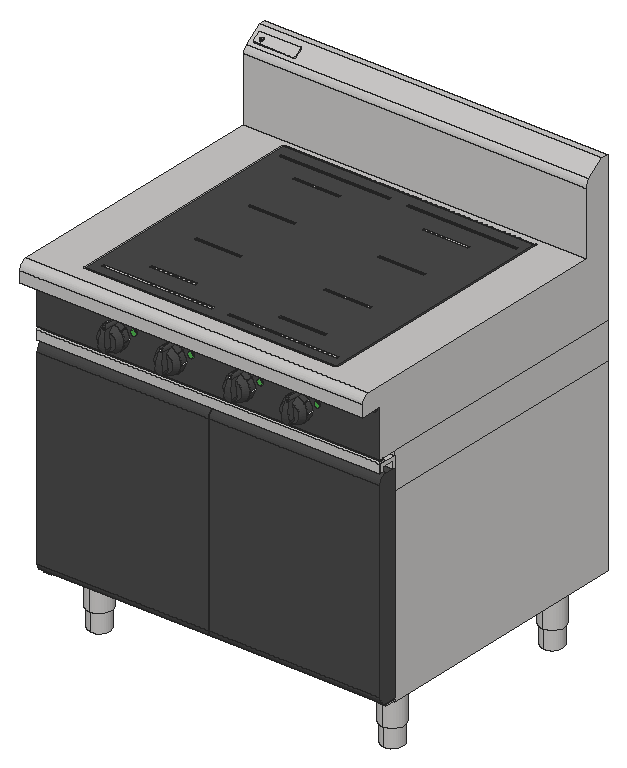
Revit family "QF_Moffat_INB8400F-CD_Induction_Cooktop_cat", category Specialty Equipment, Revit 2019 (continued)
Definition of nested family "QF_LOGO_Waldorf"
  Lines and regions (mm)
    Split face 9
      outline origin (0, -1.881, 2.589) x (1, 0, 0) y (0, 0.809017, 0.587785)
        loop
          spline (87.312, 8.975) -> (87.364, 9.356) -> (87.458, 9.686) -> (87.594, 9.968) -> (87.769, 10.204) -> (87.982, 10.398) -> (88.229, 10.55) -> (88.509, 10.666) -> (88.82, 10.746) -> (89.16, 10.794) -> (89.525, 10.812) -> (89.915, 10.803) -> (90.327, 10.77)
          line (90.327, 10.77) -> (90.327, 14.113)
          spline (90.327, 14.113) -> (89.929, 14.127) -> (89.552, 14.111) -> (89.197, 14.066) -> (88.865, 13.991) -> (88.554, 13.887) -> (88.266, 13.754) -> (87.999, 13.591) -> (87.755, 13.399) -> (87.532, 13.177) -> (87.332, 12.926) -> (87.154, 12.645) -> (86.998, 12.335)
    Split face 10
      outline origin (0, -1.881, 2.589) x (1, 0, 0) y (0, 0.809017, 0.587785)
        loop
          line (92.082, 13.879) -> (90.894, 13.879) -> (90.894, 11.972) -> (92.082, 11.972) -> (92.082, 5.728) -> (95.871, 5.728) -> (95.871, 11.972) -> (97.5, 11.972) -> (97.5, 13.879) -> (95.871, 13.879)
          spline (95.871, 13.879) -> (95.843, 14.088) -> (95.845, 14.278) -> (95.877, 14.447) -> (95.939, 14.596) -> (96.03, 14.726) -> (96.151, 14.835) -> (96.301, 14.925) -> (96.482, 14.995) -> (96.692, 15.045) -> (96.931, 15.075) -> (97.201, 15.085) -> (97.5, 15.076)
          line (97.5, 15.076) -> (97.5, 17.266) -> (95.367, 17.266)
          spline (95.367, 17.266) -> (94.982, 17.253) -> (94.58, 17.21) -> (94.174, 17.132) -> (93.774, 17.013) -> (93.39, 16.846) -> (93.034, 16.627) -> (92.717, 16.349) -> (92.448, 16.007) -> (92.24, 15.595) -> (92.102, 15.106) -> (92.046, 14.537) -> (92.082, 13.879)
  Dimensions and locks
    equal spacing: plane 3 "LEFT", plane 7 "Center Y", plane 4 "RIGHT"
    "Length": plane 3 "LEFT" to plane 4 "RIGHT"
    equal spacing: plane 5 "FRONT", plane 8 "Center X", plane 1 "BACK"
    "Depth": plane 5 "FRONT" to plane 1 "BACK"
    "Height": plane 6 "TOP" to level
    plane 4 "RIGHT" to plane 3 "LEFT" = 138 mm
    aligned and locked: level to plane 2
  Automatic sketch dimensions
    Extrusion 1 sketch curve to plane 3 "LEFT" = 0 mm
    plane 3 "LEFT" to Extrusion 1 sketch curve = 4 mm  (x2)
    Extrusion 1 sketch curve to Extrusion 1 sketch curve = 10.75 mm
    Extrusion 1 sketch curve to Extrusion 1 sketch curve = 0.5 mm
    plane 4 "RIGHT" to Extrusion 1 sketch curve = 33 mm
    Extrusion 1 sketch curve to Extrusion 1 sketch curve = 0 mm  (x3)
    Extrusion 1 sketch curve to Extrusion 1 sketch curve = 4 mm
    Extrusion 1 sketch curve to Extrusion 1 sketch curve = 3.464 mm  (x3)
    Extrusion 1 sketch curve to Extrusion 1 sketch curve = 3.541 mm
    Extrusion 1 sketch curve to Extrusion 1 sketch curve = 4.325 mm
    Extrusion 1 sketch curve to Extrusion 1 sketch curve = 19.783 mm
    Extrusion 1 sketch curve to Extrusion 1 sketch curve = 7.592 mm
    plane 3 "LEFT" to Extrusion 2 sketch curve = 15.25 mm
    Extrusion 2 sketch curve to Extrusion 2 sketch curve = 4.325 mm
    plane 3 "LEFT" to Extrusion 3 sketch curve = 14.75 mm
    Extrusion 3 sketch curve to Extrusion 3 sketch curve = 4.325 mm
    Extrusion 1 to Split face 1 sketch curve = 6.879 mm
    Split face 1 sketch curve to Extrusion 1 = 5.728 mm
    Split face 1 sketch curve to Split face 1 sketch curve = 3.132 mm
    Split face 1 sketch curve to Split face 1 sketch curve = 4.068 mm
    Split face 1 sketch curve to Split face 1 sketch curve = 3.051 mm
    Split face 1 sketch curve to Split face 1 sketch curve = 4.203 mm
    Split face 1 sketch curve to Split face 1 sketch curve = 2.916 mm
    Split face 1 sketch curve to Split face 1 sketch curve = 3.456 mm
    Split face 1 sketch curve to Split face 1 sketch curve = 2.934 mm
    Split face 1 sketch curve to Split face 1 sketch curve = 4.131 mm
    Split face 1 sketch curve to Split face 1 sketch curve = 3.96 mm
    Split face 1 sketch curve to Split face 1 sketch curve = 0 mm  (x2)
    Split face 1 sketch curve to Extrusion 1 = 9.736 mm  (x2)
    Extrusion 1 to Split face 1 sketch curve = 6.337 mm
    Extrusion 1 to Split face 1 sketch curve = 6.231 mm
    Extrusion 1 to Split face 1 sketch curve = 3.184 mm
    Extrusion 1 to Split face 1 sketch curve = 13.135 mm
    Split face 1 sketch curve to Split face 1 sketch curve = 4.652 mm
    Split face 1 sketch curve to Split face 1 sketch curve = 3.593 mm
    Split face 1 sketch curve to Split face 1 sketch curve = 1.863 mm
    Split face 1 sketch curve to Split face 1 sketch curve = 0.713 mm
    Split face 1 sketch curve to Split face 1 sketch curve = 2.684 mm
    Split face 1 sketch curve to Split face 1 sketch curve = 3.294 mm
    Split face 1 sketch curve to Split face 1 sketch curve = 0.459 mm
    Split face 1 sketch curve to Split face 1 sketch curve = 2.775 mm
    Split face 1 sketch curve to Split face 1 sketch curve = 1.89 mm
    Split face 1 sketch curve to Split face 1 sketch curve = 0.685 mm
    Split face 1 sketch curve to Split face 1 sketch curve = 9.486 mm
    Split face 1 sketch curve to Split face 1 sketch curve = 16.213 mm
    Split face 1 sketch curve to Split face 1 sketch curve = 3.48 mm
    Split face 1 sketch curve to Split face 1 sketch curve = 4.918 mm
    Split face 1 sketch curve to Split face 1 sketch curve = 7.609 mm
    Split face 1 sketch curve to Split face 1 sketch curve = 0.01 mm  (x2)
    Split face 1 sketch curve to Split face 1 sketch curve = 0.002 mm
    Split face 2 sketch curve to Extrusion 1 = 11.169 mm
    Extrusion 1 to Split face 2 sketch curve = 25.647 mm
    Split face 2 sketch curve to Split face 2 sketch curve = 3.72 mm
    Split face 2 sketch curve to Extrusion 1 = 11.965 mm
    Split face 2 sketch curve to Split face 2 sketch curve = 0.371 mm
    Split face 2 sketch curve to Extrusion 1 = 6.602 mm
    Split face 2 sketch curve to Split face 2 sketch curve = 2.689 mm
    Split face 2 sketch curve to Split face 2 sketch curve = 0.318 mm
    Split face 2 sketch curve to Split face 2 sketch curve = 3.729 mm
    Split face 2 sketch curve to Split face 2 sketch curve = 0.414 mm
    Split face 2 sketch curve to Split face 2 sketch curve = 0.875 mm
    Split face 2 sketch curve to Split face 2 sketch curve = 0.878 mm
    Split face 3 sketch curve to Extrusion 1 = 8.597 mm
    Extrusion 1 to Split face 3 sketch curve = 29.688 mm
    Split face 3 sketch curve to Extrusion 1 = 9.264 mm
    Split face 3 sketch curve to Split face 3 sketch curve = 2.326 mm
    Split face 4 sketch curve to Extrusion 1 = 5.728 mm
    Extrusion 1 to Split face 4 sketch curve = 38.08 mm
    Split face 4 sketch curve to Split face 4 sketch curve = 3.843 mm
    Split face 4 sketch curve to Extrusion 1 = 9.736 mm
    Split face 5 sketch curve to Extrusion 1 = 9.736 mm
    Split face 5 sketch curve to Extrusion 1 = 43.205 mm
    Split face 5 sketch curve to Extrusion 1 = 6.679 mm
    Split face 5 sketch curve to Split face 5 sketch curve = 0.342 mm
    Split face 5 sketch curve to Split face 5 sketch curve = 3.375 mm
    Split face 5 sketch curve to Split face 5 sketch curve = 0.952 mm
    Split face 5 sketch curve to Split face 5 sketch curve = 3.998 mm
    Split face 6 sketch curve to Extrusion 1 = 7.499 mm
    Split face 6 sketch curve to Extrusion 1 = 44.727 mm
    Split face 6 sketch curve to Split face 6 sketch curve = 2.07 mm
    Split face 7 sketch curve to Extrusion 1 = 5.305 mm
    Split face 7 sketch curve to Extrusion 1 = 32.551 mm
    Split face 7 sketch curve to Split face 7 sketch curve = 4.443 mm
    Split face 8 sketch curve to Extrusion 1 = 7.654 mm
    Split face 8 sketch curve to Extrusion 1 = 32.551 mm
    Split face 8 sketch curve to Split face 8 sketch curve = 2.095 mm
    Split face 9 sketch curve to Extrusion 1 = 5.728 mm
    Split face 9 sketch curve to Extrusion 1 = 25.521 mm
    Split face 9 sketch curve to Split face 9 sketch curve = 3.519 mm
    Split face 9 sketch curve to Split face 9 sketch curve = 0.315 mm
    Split face 9 sketch curve to Split face 9 sketch curve = 3.33 mm
    Split face 9 sketch curve to Split face 9 sketch curve = 3.248 mm
    Split face 9 sketch curve to Split face 9 sketch curve = 1.795 mm
    Split face 9 sketch curve to Split face 9 sketch curve = 3.36 mm
    Split face 9 sketch curve to Split face 9 sketch curve = 1.545 mm
    Split face 9 sketch curve to Split face 9 sketch curve = 0.233 mm
    Split face 10 sketch curve to Extrusion 1 = 18.106 mm
    Split face 10 sketch curve to Split face 10 sketch curve = 1.188 mm  (x2)
    Split face 10 sketch curve to Split face 10 sketch curve = 3.285 mm
    Split face 10 sketch curve to Split face 10 sketch curve = 3.789 mm
    Split face 10 sketch curve to Split face 10 sketch curve = 0 mm  (x2)
    Split face 10 sketch curve to Split face 10 sketch curve = 1.629 mm
    Split face 10 sketch curve to Split face 10 sketch curve = 2.133 mm
    Split face 10 sketch curve to Extrusion 1 = 5.728 mm
    Split face 10 sketch curve to Split face 10 sketch curve = 6.245 mm
    Split face 10 sketch curve to Split face 10 sketch curve = 1.907 mm  (x2)
    Split face 10 sketch curve to Split face 10 sketch curve = 1.197 mm
    Split face 10 sketch curve to Split face 10 sketch curve = 2.19 mm
Definition of nested family "Knob"
  Parameters (values of type "Knob")
    Weight in Pounds = 0
    URL Cutsheet = ""
    Specification by User = ""
    Specification by Manufacturer = ""
    Serial Number = ""
    Seismic Rating = ""
    SMACNA No = ""
    Revision Code = ""
    NAFEM Spec ID Number = ""
    Masterspec = ""
    Length = 65 mm
    Item Number = ""
    Installed By = ""
    Identify Quantity as Lot = yes
    Height = 69.5 mm
    Furnished By = ""
    Foodservice Equipment Identifier = yes
    Depth = 59 mm
    CSI MasterFormat = ""
  Reference planes
    plane 1 "BACK": y = 0
    plane 2: z = 0
    plane 3 "LEFT": x = 0
    plane 4 "RIGHT": x = 65
    plane 5 "FRONT": y = -59
    plane 6 "TOP": z = 69.5
    plane 7 "Center Y": x = 32.5
    plane 8 "Center X": y = -29.5
  Forms (mm)
    Revolve 1, solid
      sketch origin (32.5, 175.397, 1219.2) x (0, 1, 0) y (0, 0, 1)
        loop
          line (-175.397, -1186.7) -> (-219.397, -1186.7) -> (-219.397, -1211.501) -> (-202.106, -1219.2) -> (-185.397, -1219.2) -> (-185.397, -1191.7) -> (-175.397, -1191.7) -> (-175.397, -1186.7)
        axis (-219.397, -1186.7) -> (-175.397, -1186.7)
      angle from 0 to 360
    Extrusion 2, solid
      sketch origin (32.5, 175.397, 1219.2) x (0, 1, 0) y (0, 0, 1)
        loop
          line (-202.106, -1154.2) -> (-185.397, -1154.2) -> (-185.397, -1149.7) -> (-224.105, -1149.7)
          arc (-224.105, -1149.7) -> (-233.965, -1178.467) -> (-230.696, -1208.7) r 70
          line (-230.696, -1208.7) -> (-219.397, -1208.7) -> (-219.397, -1161.899) -> (-202.106, -1154.2)
      from -15 to 15
    Extrusion 3, void
      sketch origin (0, 0, 0) x (1, 0, 0) y (0, 0, 1)
        loop
          line (27.501, 64.613) -> (22.02, 20.585)
          arc (22.02, 20.585) -> (32.792, 10.488) -> (42.986, 21.169) r 10.487
          line (42.986, 21.169) -> (37.499, 64.613)
          arc (37.499, 64.613) -> (32.5, 69.5) -> (27.501, 64.613) r 5
        loop
          line (10, 72.977) -> (10, 5.625) -> (55, 5.625) -> (55, 72.977) -> (10, 72.977)
      from 6.142 to 69.687
    Extrusion 4, solid
      sketch origin (0, -34.115, -16.916) x (1, 0, 0) y (0, 0.45399, 0.891007)
        loop
          circle (32.497, 65) r 2
      from 51.525 to 53.075
    Extrusion 5, solid
      sketch origin (32.5, -10, 32.5) x (0, 0, -1) y (-1, 0, 0)
        loop
          line (-23.54, -22.408) -> (-24.106, -22.974)
          arc (-24.106, -22.974) -> (-23.547, -23.547) -> (-22.974, -24.106) r 33.3
          line (-22.974, -24.106) -> (-22.408, -23.54)
          arc (-22.408, -23.54) -> (-22.981, -22.981) -> (-23.54, -22.408) r 32.5
        loop
          arc (-0.8, -33.29) -> (0, -33.3) -> (0.8, -33.29) r 33.3
          line (0.8, -33.29) -> (0.8, -32.49)
          arc (0.8, -32.49) -> (0, -32.5) -> (-0.8, -32.49) r 32.5
          line (-0.8, -32.49) -> (-0.8, -33.29)
        loop
          arc (23.54, -22.408) -> (22.981, -22.981) -> (22.408, -23.54) r 32.5
          line (22.408, -23.54) -> (22.974, -24.106)
          arc (22.974, -24.106) -> (23.547, -23.547) -> (24.106, -22.974) r 33.3
          line (24.106, -22.974) -> (23.54, -22.408)
        loop
          arc (-23.54, 22.408) -> (-22.981, 22.981) -> (-22.408, 23.54) r 32.5
          line (-22.408, 23.54) -> (-22.974, 24.106)
          arc (-22.974, 24.106) -> (-23.547, 23.547) -> (-24.106, 22.974) r 33.3
          line (-24.106, 22.974) -> (-23.54, 22.408)
        loop
          line (-0.8, 33.29) -> (-0.8, 32.49)
          arc (-0.8, 32.49) -> (0, 32.5) -> (0.8, 32.49) r 32.5
          line (0.8, 32.49) -> (0.8, 33.29)
          arc (0.8, 33.29) -> (0, 33.3) -> (-0.8, 33.29) r 33.3
        loop
          line (32.49, -0.8) -> (33.29, -0.8)
          arc (33.29, -0.8) -> (33.3, 0) -> (33.29, 0.8) r 33.3
          line (33.29, 0.8) -> (32.49, 0.8)
          arc (32.49, 0.8) -> (32.5, 0) -> (32.49, -0.8) r 32.5
        loop
          arc (24.106, 22.974) -> (23.547, 23.547) -> (22.974, 24.106) r 33.3
          line (22.974, 24.106) -> (22.408, 23.54)
          arc (22.408, 23.54) -> (22.981, 22.981) -> (23.54, 22.408) r 32.5
          line (23.54, 22.408) -> (24.106, 22.974)
      from 0 to -16.709
  Cuts and joins
    Extrusion 3 cuts Extrusion 2
  Dimensions and locks
    equal spacing: plane 3 "LEFT", plane 7 "Center Y", plane 4 "RIGHT"
    "Length": plane 3 "LEFT" to plane 4 "RIGHT"
    equal spacing: plane 5 "FRONT", plane 8 "Center X", plane 1 "BACK"
    "Depth": plane 5 "FRONT" to plane 1 "BACK"
    "Height": plane 6 "TOP" to level
    plane 4 "RIGHT" to plane 3 "LEFT" = 65 mm
    aligned and locked: level to plane 2
  Automatic sketch dimensions
    Revolve 1 sketch curve to level = 0 mm
    Revolve 1 sketch curve to plane 1 "BACK" = 0 mm  (x2)
    plane 1 "BACK" to Revolve 1 sketch curve = 10 mm
    plane 8 "Center X" to Revolve 1 sketch curve = 2.791 mm
    Revolve 1 sketch curve to plane 8 "Center X" = 14.5 mm
    level to Revolve 1 sketch curve = 7.699 mm
    level to Revolve 1 sketch curve = 27.5 mm
    Revolve 1 sketch curve to Revolve 1 sketch curve = 5 mm
    Revolve 1 sketch curve to Revolve 1 sketch curve = 35 mm
    Revolve 1 sketch curve to Revolve 1 sketch curve = 0 mm
    Extrusion 2 sketch curve to plane 6 "TOP" = 0 mm
    Extrusion 2 sketch curve to plane 5 "FRONT" = 3.702 mm
    Extrusion 2 sketch curve to plane 5 "FRONT" = 10.293 mm
    Extrusion 2 sketch curve to Extrusion 2 sketch curve = 11.298 mm
    plane 8 "Center X" to Extrusion 2 sketch curve = 2.791 mm
    plane 1 "BACK" to Extrusion 2 sketch curve = 10 mm
    Extrusion 2 sketch curve to plane 1 "BACK" = 11 mm
    Extrusion 2 sketch curve to plane 6 "TOP" = 4.5 mm
    Extrusion 2 sketch curve to plane 6 "TOP" = 12.199 mm
    level to Extrusion 2 sketch curve = 32.962 mm
    level to Extrusion 3 sketch curve = 5.625 mm
    Extrusion 3 sketch curve to plane 7 "Center Y" = 0 mm  (x2)
    Extrusion 3 sketch curve to plane 7 "Center Y" = 4.999 mm
    Extrusion 3 sketch curve to plane 7 "Center Y" = 10.48 mm
    plane 6 "TOP" to Extrusion 3 sketch curve = 3.477 mm
    plane 3 "LEFT" to Extrusion 3 sketch curve = 10 mm
    Extrusion 3 sketch curve to plane 6 "TOP" = 4.887 mm
    Extrusion 3 sketch curve to Extrusion 3 sketch curve = 4.999 mm
    plane 7 "Center Y" to Extrusion 3 sketch curve = 10.486 mm
    level to Extrusion 3 sketch curve = 20.585 mm
    Extrusion 3 sketch curve to Extrusion 3 sketch curve = 0.387 mm
    Extrusion 3 sketch curve to Extrusion 3 sketch curve = 0.113 mm
    plane 4 "RIGHT" to Extrusion 3 sketch curve = 10 mm
    Extrusion 5 sketch curve to Revolve 1 = 32.49 mm
    Revolve 1 to Extrusion 5 sketch curve = 32.49 mm
    Extrusion 5 sketch curve to Revolve 1 = 23.54 mm  (x2)
    Revolve 1 to Extrusion 5 sketch curve = 23.54 mm  (x2)
    Extrusion 5 sketch curve to Revolve 1 = 24.106 mm  (x2)
    Revolve 1 to Extrusion 5 sketch curve = 24.106 mm  (x2)
    Revolve 1 to Extrusion 5 sketch curve = 22.408 mm  (x2)
    Extrusion 5 sketch curve to Revolve 1 = 22.408 mm  (x2)
    Revolve 1 to Extrusion 5 sketch curve = 22.974 mm  (x2)
    Extrusion 5 sketch curve to Revolve 1 = 22.974 mm  (x2)
    Extrusion 5 sketch curve to Extrusion 5 sketch curve = 1.6 mm  (x2)
    Revolve 1 to Extrusion 5 sketch curve = 0.8 mm
    Extrusion 5 sketch curve to Revolve 1 = 0.8 mm
    Extrusion 4 sketch curve to plane 7 "Center Y" = 0.003 mm
    radius of Extrusion 5 sketch curve to Revolve 1 = 0 mm  (x7)
    radius of Revolve 1 to Extrusion 5 sketch curve = 0.8 mm  (x7)
    radius of Extrusion 4 sketch curve = 2 mm
Types (2, lengths in mm): name | Volts | Cycle
  INB8400F-CD_415/60/3 | 415 V | 60 Hz
  INB8400F-CD_400/50/3 | 400 V | 50 Hz
